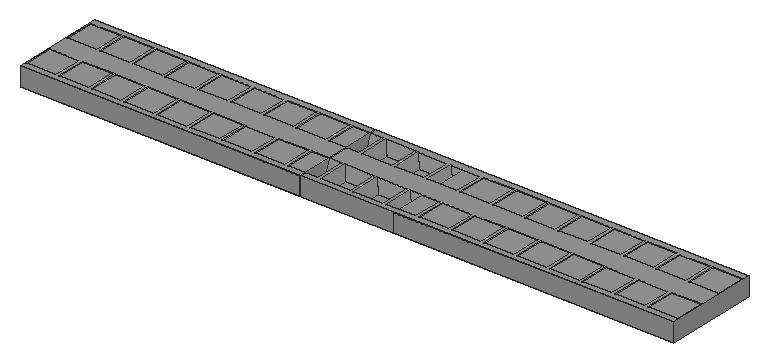
Revit family "2023778", category Lighting Fixtures, host Face, Revit 2018
Family settings
  Host = Face
  Round Connector Dimension = Use Diameter
  Part Type = Normal
  OmniClass Number = 23.80.70.00
  OmniClass Title = Lighting
  Cut with Voids When Loaded = No
  Light Source = Yes
  Shared = No
  Room Calculation Point = No
Parameters (values of type "2023778 OPTIX S 1500 2L D/I HO 4K WHT DA EM")
  Weight = "n/a"
  Wattage Comments = ""
  Wattage = 9.2903 W
  WarrantyStartDate [instance] = "n/a"
  WarrantyGuarantorParts = "n/a"
  WarrantyDurationUnit = "n/a"
  WarrantyDurationParts = ""
  WarrantyDescription = "http://www.sylvania-lighting.com"
  built-in parameter 1150110 = 1 (stored number, unit not read)
  Voltage = 0 V
  URL = "0.98"
  TypeName = "OPTIX SURFACE 1500 2L D/I HO 4000K WHT DALI EM"
  Type Image = <None>
  Type Comments = "n/a"
  built-in parameter 1114217 = 1 (stored number, unit not read)
  Tilt Angle = -90.00°
  built-in parameter 1150109 = 1 (stored number, unit not read)
  built-in parameter 1150134 = 3
  built-in parameter 1150113 = 1 (stored number, unit not read)
  SerialNumber [instance] = "n/a"
  Photometric Web File = "2023778.ies"
  Material_3_SYL = none
  PowerFactor = 0
  PowerConsumption = "Lighting"
  NominalLength = 200 mm
  NominalHeight = 45 mm
  NominalDepth = 200 mm
  Name = "OPTIX SURFACE 1500 2L D/I HO 4000K WHT DALI EM"
  ModelReference = Name  # "OPTIX SURFACE 1500 2L D/I HO 4000K WHT DALI EM"
  ModelNumber = "2023778"
  Model = Name  # "OPTIX SURFACE 1500 2L D/I HO 4000K WHT DALI EM"
  Material = "Feilo Sylvania"
  ManufacturerName = "159 lm/W"
  Manufacturer = ""
  LuminousEfficacy = ""
  built-in parameter 1150105 = 109.82 (stored number, unit not read)
  Lumens = 1380 lm
  LuminaireType = "0"
  built-in parameter 1150115 = 1 (stored number, unit not read)
  LightOutputRatio = "LED"
  built-in parameter 1150137 = (empty or 0)
  built-in parameter 1150139 = (empty or 0)
  LampsType = Lamp  # "n/a"
  LampNominalLuminous = "4000 K"
  LampMacAdamStep = "80"
  LampColourTemperature = "LED"
  LampColourRenderingIndex = "16500"
  built-in parameter 1150112 = 1 (stored number, unit not read)
  built-in parameter 1150114 = 1 (stored number, unit not read)
  Lamp = "n/a"
  Keynote = "n/a"
  InstallationDate [instance] = "n/a"
  InputVoltage = "0"
  InputNominalFrequency = "4000"
  built-in parameter 1150132 = (empty or 0)
  built-in parameter 1150102 = (empty or 0)
  built-in parameter 1150107 = 3200 (stored number, unit not read)
  built-in parameter 1150138 = (empty or 0)
  IngressProtection = "IfcLightFixtureType"
  ImpactProtectionIndex = "IfcLightFixtureType"
  built-in parameter 1150106 = 1.0982 (stored number, unit not read)
  IfcExportType = "IfcLightFixtureType"
  IfcExportAs = "Class I"
  Emit from Circle Diameter = 609.6 mm
  Emit Shape Visible in Rendering = no
  ElectricShockClassification = "159"
  built-in parameter 1150104 = 13.8 (stored number, unit not read)
  DocumentationLiterature = "http://www.sylvania-lighting.com/product/en-int/products/2023778"
  DimmingControlOptions = "n/a"
  Material_2_SYL = none
  Dimming Lamp Color Temperature Shift = <None>
  Description = "OPTIX SURFACE 1500x200 2 LINE D/I HO 4000K WHT DALI EM is a high efficacy low glare luminaire for office and education applications. Direct / Indirect lighting with 80% downlight and 20% uplight ratio for ceiling suspended mounting. Size: 1410x200x45mm. White plastic low glare optics in 2 lines configuration. White RAL9016 fixture body. DALI dimmable. 3hr maintained emergency version. 4000K Neutral White LED, CRI>80, chromaticity tolerance of 3-step MacAdam ellipse. Luminous flux 7000lm. Power consumption 47W. Luminaire efficacy 149lm/W. Lifespan: 60,000 hours L90B10. UGR<19, Luminance at 65°<3000 Cd/m2, IK07, IP20. Photobiological safety risk group 1. Electrical protection Class I. Glow wire test 850°C."
  Default Elevation = 1219.2 mm
  CreatedOn = "22/09/2022"
  CreatedBy = "@sylvania-lighting.com"
  Cost = 0
  Color Filter = 16777215
  built-in parameter 1114216 [instance] = (empty or 0)
  ClassificationValue = "EF_70_80"
  ClassificationName = "Uniclass2015"
  Material_1_SYL = none
  BarCode [instance] = "n/a"
  built-in parameter 1114218 = 1 (stored number, unit not read)
  built-in parameter 1150133 = 10 (stored number, unit not read)
  AssetType = "Fixed"
  AssetIdentifier [instance] = "n/a"
  Assembly Code = "D5020200"
  Apparent Load = 44 VA
  Material_4_SYL = none
Reference planes
  plane 1 "Center (Front/Back)": y = 0
  plane 2: z = 0
  plane 3 "Center (Left/Right)": x = 0
  plane 4: x = -100
  plane 5: x = 100
  plane 6: y = 100
  plane 7: y = -100
  plane 8: z = 45
  plane 9: x = -698.5
  plane 10: x = 698.5
  plane 11: x = -633
  plane 12: y = 23
  plane 13: y = -23
  plane 14: x = -563
  plane 15: x = -557
  plane 16: x = -493
  plane 17: x = -487
  plane 18: x = -423
  plane 19: x = -417
  plane 20: x = -353
  plane 21: x = -347
  plane 22: x = -283
  plane 23: x = -277
  plane 24: x = -213
  plane 25: x = -206.997
  plane 26: x = -142.997
  plane 27: x = -136.997
  plane 28: x = -72.997
  plane 29: x = -66.997
  plane 30: x = -2.997
  plane 31: x = 3.003
  plane 32: x = 67.003
  plane 33: x = 73.003
  plane 34: x = 137.003
  plane 35: x = 143.003
  plane 36: x = 207.003
  plane 37: x = 213.003
  plane 38: x = 277.003
  plane 39: x = 283.003
  plane 40: x = 347.003
  plane 41: x = 353.003
  plane 42: x = 417.003
  plane 43: x = 423.003
  plane 44: x = 487.003
  plane 45: x = 493.003
  plane 46: x = 557.003
  plane 47: x = 563.003
  plane 48: x = 627.003
  plane 49: x = 633.003
  plane 50: x = -627
  plane 51: x = 697.011
  plane 52: x = -697
  plane 53: y = -87
  plane 54: y = -55
  plane 55: y = -33.5
  plane 56: y = -76.5
  plane 57: x = -665
  plane 58: x = -643.5
  plane 59: x = -686.5
  plane 60: x = -595
  plane 61: y = -5
  plane 62: z = 52.5
Forms (mm)
  Extrusion 1, solid, material "Aluminum", detail levels medium+fine
    sketch origin (0, 0, 0) x (1, 0, 0) y (0, 1, 0)
      loop
        line (-512.5, 10) -> (-512.5, -10) -> (-487.5, -10) -> (-487.5, 10) -> (-512.5, 10)
    from 0 to 6
  Extrusion 2, solid, material "Aluminum", detail levels medium+fine
    sketch origin (0, 0, 0) x (1, 0, 0) y (0, 1, 0)
      loop
        line (486, 10) -> (486, -10) -> (511, -10) -> (511, 10) -> (486, 10)
    from 0 to 6
  Extrusion 3, solid, material "Aluminum", detail levels medium+fine
    sketch origin (0, 0, 0) x (1, 0, 0) y (0, 1, 0)
      loop
        line (-698.5, 100) -> (-698.5, -100) -> (698.5, -100) -> (698.5, 100) -> (-698.5, 100)
    from 6 to 45
  Extrusion 4, solid, material "Aluminum", detail levels medium+fine
    sketch origin (0, 0, 0) x (1, 0, 0) y (0, 1, 0)
      loop
        line (-100, 100) -> (-698.5, 100) -> (-698.5, -100) -> (-100, -100) -> (-100, 100)
    from 6 to 45
  Extrusion 5, solid, material "Aluminum", detail levels medium+fine
    sketch origin (0, 0, 0) x (1, 0, 0) y (0, 1, 0)
      loop
        line (698.5, 100) -> (100, 100) -> (100, -100) -> (698.5, -100) -> (698.5, 100)
    from 6 to 45
  Blend 6, void
    base sketch origin (0, 0, 0) x (1, 0, 0) y (0, 1, 0)
      loop
        line (-697, -23) -> (-697, -87) -> (-633, -87) -> (-633, -23) -> (-697, -23)
    top sketch origin (0, 0, 0) x (1, 0, 0) y (0, 1, 0)
      loop
        line (-686.5, -33.5) -> (-686.5, -76.5) -> (-643.5, -76.5) -> (-643.5, -33.5) -> (-686.5, -33.5)
    from 45 to 18.5
  Extrusion 7, solid, material "Glass, White, High Luminance", detail levels fine
    sketch origin (0, 0, 0) x (1, 0, 0) y (0, 1, 0)
      loop
        line (-686.5, -33.5) -> (-686.5, -76.5) -> (-643.5, -76.5) -> (-643.5, -33.5) -> (-686.5, -33.5)
    from 18.5 to 20
  Blend 8, void
    base sketch origin (70, 0, 0) x (1, 0, 0) y (0, 1, 0)
      loop
        line (-697, -23) -> (-697, -87) -> (-633, -87) -> (-633, -23) -> (-697, -23)
    top sketch origin (70, 0, 0) x (1, 0, 0) y (0, 1, 0)
      loop
        line (-686.5, -33.5) -> (-686.5, -76.5) -> (-643.5, -76.5) -> (-643.5, -33.5) -> (-686.5, -33.5)
    from 45 to 18.5
  Blend 9, void
    base sketch origin (140, 0, 0) x (1, 0, 0) y (0, 1, 0)
      loop
        line (-697, -23) -> (-697, -87) -> (-633, -87) -> (-633, -23) -> (-697, -23)
    top sketch origin (140, 0, 0) x (1, 0, 0) y (0, 1, 0)
      loop
        line (-686.5, -33.5) -> (-686.5, -76.5) -> (-643.5, -76.5) -> (-643.5, -33.5) -> (-686.5, -33.5)
    from 45 to 18.5
  Blend 10, void
    base sketch origin (210, 0, 0) x (1, 0, 0) y (0, 1, 0)
      loop
        line (-697, -23) -> (-697, -87) -> (-633, -87) -> (-633, -23) -> (-697, -23)
    top sketch origin (210, 0, 0) x (1, 0, 0) y (0, 1, 0)
      loop
        line (-686.5, -33.5) -> (-686.5, -76.5) -> (-643.5, -76.5) -> (-643.5, -33.5) -> (-686.5, -33.5)
    from 45 to 18.5
  Blend 11, void
    base sketch origin (280, 0, 0) x (1, 0, 0) y (0, 1, 0)
      loop
        line (-697, -23) -> (-697, -87) -> (-633, -87) -> (-633, -23) -> (-697, -23)
    top sketch origin (280, 0, 0) x (1, 0, 0) y (0, 1, 0)
      loop
        line (-686.5, -33.5) -> (-686.5, -76.5) -> (-643.5, -76.5) -> (-643.5, -33.5) -> (-686.5, -33.5)
    from 45 to 18.5
  Blend 12, void
    base sketch origin (350, 0, 0) x (1, 0, 0) y (0, 1, 0)
      loop
        line (-697, -23) -> (-697, -87) -> (-633, -87) -> (-633, -23) -> (-697, -23)
    top sketch origin (350, 0, 0) x (1, 0, 0) y (0, 1, 0)
      loop
        line (-686.5, -33.5) -> (-686.5, -76.5) -> (-643.5, -76.5) -> (-643.5, -33.5) -> (-686.5, -33.5)
    from 45 to 18.5
  Blend 13, void
    base sketch origin (420, 0, 0) x (1, 0, 0) y (0, 1, 0)
      loop
        line (-697, -23) -> (-697, -87) -> (-633, -87) -> (-633, -23) -> (-697, -23)
    top sketch origin (420, 0, 0) x (1, 0, 0) y (0, 1, 0)
      loop
        line (-686.5, -33.5) -> (-686.5, -76.5) -> (-643.5, -76.5) -> (-643.5, -33.5) -> (-686.5, -33.5)
    from 45 to 18.5
  Blend 14, void
    base sketch origin (490.003, 0, 0) x (1, 0, 0) y (0, 1, 0)
      loop
        line (-697, -23) -> (-697, -87) -> (-633, -87) -> (-633, -23) -> (-697, -23)
    top sketch origin (490.003, 0, 0) x (1, 0, 0) y (0, 1, 0)
      loop
        line (-686.5, -33.5) -> (-686.5, -76.5) -> (-643.5, -76.5) -> (-643.5, -33.5) -> (-686.5, -33.5)
    from 45 to 18.5
  Blend 15, void
    base sketch origin (560.003, 0, 0) x (1, 0, 0) y (0, 1, 0)
      loop
        line (-697, -23) -> (-697, -87) -> (-633, -87) -> (-633, -23) -> (-697, -23)
    top sketch origin (560.003, 0, 0) x (1, 0, 0) y (0, 1, 0)
      loop
        line (-686.5, -33.5) -> (-686.5, -76.5) -> (-643.5, -76.5) -> (-643.5, -33.5) -> (-686.5, -33.5)
    from 45 to 18.5
  Blend 16, void
    base sketch origin (630.003, 0, 0) x (1, 0, 0) y (0, 1, 0)
      loop
        line (-697, -23) -> (-697, -87) -> (-633, -87) -> (-633, -23) -> (-697, -23)
    top sketch origin (630.003, 0, 0) x (1, 0, 0) y (0, 1, 0)
      loop
        line (-686.5, -33.5) -> (-686.5, -76.5) -> (-643.5, -76.5) -> (-643.5, -33.5) -> (-686.5, -33.5)
    from 45 to 18.5
  Blend 17, void
    base sketch origin (700.003, 0, 0) x (1, 0, 0) y (0, 1, 0)
      loop
        line (-697, -23) -> (-697, -87) -> (-633, -87) -> (-633, -23) -> (-697, -23)
    top sketch origin (700.003, 0, 0) x (1, 0, 0) y (0, 1, 0)
      loop
        line (-686.5, -33.5) -> (-686.5, -76.5) -> (-643.5, -76.5) -> (-643.5, -33.5) -> (-686.5, -33.5)
    from 45 to 18.5
  Blend 18, void
    base sketch origin (770.003, 0, 0) x (1, 0, 0) y (0, 1, 0)
      loop
        line (-697, -23) -> (-697, -87) -> (-633, -87) -> (-633, -23) -> (-697, -23)
    top sketch origin (770.003, 0, 0) x (1, 0, 0) y (0, 1, 0)
      loop
        line (-686.5, -33.5) -> (-686.5, -76.5) -> (-643.5, -76.5) -> (-643.5, -33.5) -> (-686.5, -33.5)
    from 45 to 18.5
  Blend 19, void
    base sketch origin (840.003, 0, 0) x (1, 0, 0) y (0, 1, 0)
      loop
        line (-697, -23) -> (-697, -87) -> (-633, -87) -> (-633, -23) -> (-697, -23)
    top sketch origin (840.003, 0, 0) x (1, 0, 0) y (0, 1, 0)
      loop
        line (-686.5, -33.5) -> (-686.5, -76.5) -> (-643.5, -76.5) -> (-643.5, -33.5) -> (-686.5, -33.5)
    from 45 to 18.5
  Blend 20, void
    base sketch origin (910.003, 0, 0) x (1, 0, 0) y (0, 1, 0)
      loop
        line (-697, -23) -> (-697, -87) -> (-633, -87) -> (-633, -23) -> (-697, -23)
    top sketch origin (910.003, 0, 0) x (1, 0, 0) y (0, 1, 0)
      loop
        line (-686.5, -33.5) -> (-686.5, -76.5) -> (-643.5, -76.5) -> (-643.5, -33.5) -> (-686.5, -33.5)
    from 45 to 18.5
  Blend 21, void
    base sketch origin (980.003, 0, 0) x (1, 0, 0) y (0, 1, 0)
      loop
        line (-697, -23) -> (-697, -87) -> (-633, -87) -> (-633, -23) -> (-697, -23)
    top sketch origin (980.003, 0, 0) x (1, 0, 0) y (0, 1, 0)
      loop
        line (-686.5, -33.5) -> (-686.5, -76.5) -> (-643.5, -76.5) -> (-643.5, -33.5) -> (-686.5, -33.5)
    from 45 to 18.5
  Blend 22, void
    base sketch origin (1050.003, 0, 0) x (1, 0, 0) y (0, 1, 0)
      loop
        line (-697, -23) -> (-697, -87) -> (-633, -87) -> (-633, -23) -> (-697, -23)
    top sketch origin (1050.003, 0, 0) x (1, 0, 0) y (0, 1, 0)
      loop
        line (-686.5, -33.5) -> (-686.5, -76.5) -> (-643.5, -76.5) -> (-643.5, -33.5) -> (-686.5, -33.5)
    from 45 to 18.5
  Blend 23, void
    base sketch origin (1120.003, 0, 0) x (1, 0, 0) y (0, 1, 0)
      loop
        line (-697, -23) -> (-697, -87) -> (-633, -87) -> (-633, -23) -> (-697, -23)
    top sketch origin (1120.003, 0, 0) x (1, 0, 0) y (0, 1, 0)
      loop
        line (-686.5, -33.5) -> (-686.5, -76.5) -> (-643.5, -76.5) -> (-643.5, -33.5) -> (-686.5, -33.5)
    from 45 to 18.5
  Blend 24, void
    base sketch origin (1190.003, 0, 0) x (1, 0, 0) y (0, 1, 0)
      loop
        line (-697, -23) -> (-697, -87) -> (-633, -87) -> (-633, -23) -> (-697, -23)
    top sketch origin (1190.003, 0, 0) x (1, 0, 0) y (0, 1, 0)
      loop
        line (-686.5, -33.5) -> (-686.5, -76.5) -> (-643.5, -76.5) -> (-643.5, -33.5) -> (-686.5, -33.5)
    from 45 to 18.5
  Blend 25, void
    base sketch origin (1260.003, 0, 0) x (1, 0, 0) y (0, 1, 0)
      loop
        line (-697, -23) -> (-697, -87) -> (-633, -87) -> (-633, -23) -> (-697, -23)
    top sketch origin (1260.003, 0, 0) x (1, 0, 0) y (0, 1, 0)
      loop
        line (-686.5, -33.5) -> (-686.5, -76.5) -> (-643.5, -76.5) -> (-643.5, -33.5) -> (-686.5, -33.5)
    from 45 to 18.5
  Blend 26, void
    base sketch origin (1330.003, 0, 0) x (1, 0, 0) y (0, 1, 0)
      loop
        line (-697, -23) -> (-697, -87) -> (-633, -87) -> (-633, -23) -> (-697, -23)
    top sketch origin (1330.003, 0, 0) x (1, 0, 0) y (0, 1, 0)
      loop
        line (-686.5, -33.5) -> (-686.5, -76.5) -> (-643.5, -76.5) -> (-643.5, -33.5) -> (-686.5, -33.5)
    from 45 to 18.5
  Extrusion 27, solid, material "Glass, White, High Luminance", detail levels fine
    sketch origin (70, 0, 0) x (1, 0, 0) y (0, 1, 0)
      loop
        line (-686.5, -33.5) -> (-686.5, -76.5) -> (-643.5, -76.5) -> (-643.5, -33.5) -> (-686.5, -33.5)
    from 18.5 to 20
  Extrusion 28, solid, material "Glass, White, High Luminance", detail levels fine
    sketch origin (140, 0, 0) x (1, 0, 0) y (0, 1, 0)
      loop
        line (-686.5, -33.5) -> (-686.5, -76.5) -> (-643.5, -76.5) -> (-643.5, -33.5) -> (-686.5, -33.5)
    from 18.5 to 20
  Extrusion 29, solid, material "Glass, White, High Luminance", detail levels fine
    sketch origin (210, 0, 0) x (1, 0, 0) y (0, 1, 0)
      loop
        line (-686.5, -33.5) -> (-686.5, -76.5) -> (-643.5, -76.5) -> (-643.5, -33.5) -> (-686.5, -33.5)
    from 18.5 to 20
  Extrusion 30, solid, material "Glass, White, High Luminance", detail levels fine
    sketch origin (280, 0, 0) x (1, 0, 0) y (0, 1, 0)
      loop
        line (-686.5, -33.5) -> (-686.5, -76.5) -> (-643.5, -76.5) -> (-643.5, -33.5) -> (-686.5, -33.5)
    from 18.5 to 20
  Extrusion 31, solid, material "Glass, White, High Luminance", detail levels fine
    sketch origin (350, 0, 0) x (1, 0, 0) y (0, 1, 0)
      loop
        line (-686.5, -33.5) -> (-686.5, -76.5) -> (-643.5, -76.5) -> (-643.5, -33.5) -> (-686.5, -33.5)
    from 18.5 to 20
  Extrusion 32, solid, material "Glass, White, High Luminance", detail levels fine
    sketch origin (420, 0, 0) x (1, 0, 0) y (0, 1, 0)
      loop
        line (-686.5, -33.5) -> (-686.5, -76.5) -> (-643.5, -76.5) -> (-643.5, -33.5) -> (-686.5, -33.5)
    from 18.5 to 20
  Extrusion 33, solid, material "Glass, White, High Luminance", detail levels fine
    sketch origin (490.003, 0, 0) x (1, 0, 0) y (0, 1, 0)
      loop
        line (-686.5, -33.5) -> (-686.5, -76.5) -> (-643.5, -76.5) -> (-643.5, -33.5) -> (-686.5, -33.5)
    from 18.5 to 20
  Extrusion 34, solid, material "Glass, White, High Luminance", detail levels fine
    sketch origin (560.003, 0, 0) x (1, 0, 0) y (0, 1, 0)
      loop
        line (-686.5, -33.5) -> (-686.5, -76.5) -> (-643.5, -76.5) -> (-643.5, -33.5) -> (-686.5, -33.5)
    from 18.5 to 20
  Extrusion 35, solid, material "Glass, White, High Luminance", detail levels fine
    sketch origin (630.003, 0, 0) x (1, 0, 0) y (0, 1, 0)
      loop
        line (-686.5, -33.5) -> (-686.5, -76.5) -> (-643.5, -76.5) -> (-643.5, -33.5) -> (-686.5, -33.5)
    from 18.5 to 20
  Extrusion 36, solid, material "Glass, White, High Luminance", detail levels fine
    sketch origin (700.003, 0, 0) x (1, 0, 0) y (0, 1, 0)
      loop
        line (-686.5, -33.5) -> (-686.5, -76.5) -> (-643.5, -76.5) -> (-643.5, -33.5) -> (-686.5, -33.5)
    from 18.5 to 20
  Extrusion 37, solid, material "Glass, White, High Luminance", detail levels fine
    sketch origin (770.003, 0, 0) x (1, 0, 0) y (0, 1, 0)
      loop
        line (-686.5, -33.5) -> (-686.5, -76.5) -> (-643.5, -76.5) -> (-643.5, -33.5) -> (-686.5, -33.5)
    from 18.5 to 20
  Extrusion 38, solid, material "Glass, White, High Luminance", detail levels fine
    sketch origin (840.003, 0, 0) x (1, 0, 0) y (0, 1, 0)
      loop
        line (-686.5, -33.5) -> (-686.5, -76.5) -> (-643.5, -76.5) -> (-643.5, -33.5) -> (-686.5, -33.5)
    from 18.5 to 20
  Extrusion 39, solid, material "Glass, White, High Luminance", detail levels fine
    sketch origin (910.003, 0, 0) x (1, 0, 0) y (0, 1, 0)
      loop
        line (-686.5, -33.5) -> (-686.5, -76.5) -> (-643.5, -76.5) -> (-643.5, -33.5) -> (-686.5, -33.5)
    from 18.5 to 20
  Extrusion 40, solid, material "Glass, White, High Luminance", detail levels fine
    sketch origin (980.003, 0, 0) x (1, 0, 0) y (0, 1, 0)
      loop
        line (-686.5, -33.5) -> (-686.5, -76.5) -> (-643.5, -76.5) -> (-643.5, -33.5) -> (-686.5, -33.5)
    from 18.5 to 20
  Extrusion 41, solid, material "Glass, White, High Luminance", detail levels fine
    sketch origin (1050.003, 0, 0) x (1, 0, 0) y (0, 1, 0)
      loop
        line (-686.5, -33.5) -> (-686.5, -76.5) -> (-643.5, -76.5) -> (-643.5, -33.5) -> (-686.5, -33.5)
    from 18.5 to 20
  Extrusion 42, solid, material "Glass, White, High Luminance", detail levels fine
    sketch origin (1120.003, 0, 0) x (1, 0, 0) y (0, 1, 0)
      loop
        line (-686.5, -33.5) -> (-686.5, -76.5) -> (-643.5, -76.5) -> (-643.5, -33.5) -> (-686.5, -33.5)
    from 18.5 to 20
  Extrusion 43, solid, material "Glass, White, High Luminance", detail levels fine
    sketch origin (1190.003, 0, 0) x (1, 0, 0) y (0, 1, 0)
      loop
        line (-686.5, -33.5) -> (-686.5, -76.5) -> (-643.5, -76.5) -> (-643.5, -33.5) -> (-686.5, -33.5)
    from 18.5 to 20
  Extrusion 44, solid, material "Glass, White, High Luminance", detail levels fine
    sketch origin (1260.003, 0, 0) x (1, 0, 0) y (0, 1, 0)
      loop
        line (-686.5, -33.5) -> (-686.5, -76.5) -> (-643.5, -76.5) -> (-643.5, -33.5) -> (-686.5, -33.5)
    from 18.5 to 20
  Extrusion 45, solid, material "Glass, White, High Luminance", detail levels fine
    sketch origin (1330.003, 0, 0) x (1, 0, 0) y (0, 1, 0)
      loop
        line (-686.5, -33.5) -> (-686.5, -76.5) -> (-643.5, -76.5) -> (-643.5, -33.5) -> (-686.5, -33.5)
    from 18.5 to 20
  Blend 46, void
    base sketch origin (0, 110, 0) x (1, 0, 0) y (0, 1, 0)
      loop
        line (-697, -23) -> (-697, -87) -> (-633, -87) -> (-633, -23) -> (-697, -23)
    top sketch origin (0, 110, 0) x (1, 0, 0) y (0, 1, 0)
      loop
        line (-686.5, -33.5) -> (-686.5, -76.5) -> (-643.5, -76.5) -> (-643.5, -33.5) -> (-686.5, -33.5)
    from 45 to 18.5
  Blend 47, void
    base sketch origin (70, 110, 0) x (1, 0, 0) y (0, 1, 0)
      loop
        line (-697, -23) -> (-697, -87) -> (-633, -87) -> (-633, -23) -> (-697, -23)
    top sketch origin (70, 110, 0) x (1, 0, 0) y (0, 1, 0)
      loop
        line (-686.5, -33.5) -> (-686.5, -76.5) -> (-643.5, -76.5) -> (-643.5, -33.5) -> (-686.5, -33.5)
    from 45 to 18.5
  Blend 48, void
    base sketch origin (140, 110, 0) x (1, 0, 0) y (0, 1, 0)
      loop
        line (-697, -23) -> (-697, -87) -> (-633, -87) -> (-633, -23) -> (-697, -23)
    top sketch origin (140, 110, 0) x (1, 0, 0) y (0, 1, 0)
      loop
        line (-686.5, -33.5) -> (-686.5, -76.5) -> (-643.5, -76.5) -> (-643.5, -33.5) -> (-686.5, -33.5)
    from 45 to 18.5
  Blend 49, void
    base sketch origin (210, 110, 0) x (1, 0, 0) y (0, 1, 0)
      loop
        line (-697, -23) -> (-697, -87) -> (-633, -87) -> (-633, -23) -> (-697, -23)
    top sketch origin (210, 110, 0) x (1, 0, 0) y (0, 1, 0)
      loop
        line (-686.5, -33.5) -> (-686.5, -76.5) -> (-643.5, -76.5) -> (-643.5, -33.5) -> (-686.5, -33.5)
    from 45 to 18.5
  Blend 50, void
    base sketch origin (280, 110, 0) x (1, 0, 0) y (0, 1, 0)
      loop
        line (-697, -23) -> (-697, -87) -> (-633, -87) -> (-633, -23) -> (-697, -23)
    top sketch origin (280, 110, 0) x (1, 0, 0) y (0, 1, 0)
      loop
        line (-686.5, -33.5) -> (-686.5, -76.5) -> (-643.5, -76.5) -> (-643.5, -33.5) -> (-686.5, -33.5)
    from 45 to 18.5
  Blend 51, void
    base sketch origin (350, 110, 0) x (1, 0, 0) y (0, 1, 0)
      loop
        line (-697, -23) -> (-697, -87) -> (-633, -87) -> (-633, -23) -> (-697, -23)
    top sketch origin (350, 110, 0) x (1, 0, 0) y (0, 1, 0)
      loop
        line (-686.5, -33.5) -> (-686.5, -76.5) -> (-643.5, -76.5) -> (-643.5, -33.5) -> (-686.5, -33.5)
    from 45 to 18.5
  Blend 52, void
    base sketch origin (420, 110, 0) x (1, 0, 0) y (0, 1, 0)
      loop
        line (-697, -23) -> (-697, -87) -> (-633, -87) -> (-633, -23) -> (-697, -23)
    top sketch origin (420, 110, 0) x (1, 0, 0) y (0, 1, 0)
      loop
        line (-686.5, -33.5) -> (-686.5, -76.5) -> (-643.5, -76.5) -> (-643.5, -33.5) -> (-686.5, -33.5)
    from 45 to 18.5
  Blend 53, void
    base sketch origin (490.003, 110, 0) x (1, 0, 0) y (0, 1, 0)
      loop
        line (-697, -23) -> (-697, -87) -> (-633, -87) -> (-633, -23) -> (-697, -23)
    top sketch origin (490.003, 110, 0) x (1, 0, 0) y (0, 1, 0)
      loop
        line (-686.5, -33.5) -> (-686.5, -76.5) -> (-643.5, -76.5) -> (-643.5, -33.5) -> (-686.5, -33.5)
    from 45 to 18.5
  Blend 54, void
    base sketch origin (560.003, 110, 0) x (1, 0, 0) y (0, 1, 0)
      loop
        line (-697, -23) -> (-697, -87) -> (-633, -87) -> (-633, -23) -> (-697, -23)
    top sketch origin (560.003, 110, 0) x (1, 0, 0) y (0, 1, 0)
      loop
        line (-686.5, -33.5) -> (-686.5, -76.5) -> (-643.5, -76.5) -> (-643.5, -33.5) -> (-686.5, -33.5)
    from 45 to 18.5
  Blend 55, void
    base sketch origin (630.003, 110, 0) x (1, 0, 0) y (0, 1, 0)
      loop
        line (-697, -23) -> (-697, -87) -> (-633, -87) -> (-633, -23) -> (-697, -23)
    top sketch origin (630.003, 110, 0) x (1, 0, 0) y (0, 1, 0)
      loop
        line (-686.5, -33.5) -> (-686.5, -76.5) -> (-643.5, -76.5) -> (-643.5, -33.5) -> (-686.5, -33.5)
    from 45 to 18.5
  Blend 56, void
    base sketch origin (700.003, 110, 0) x (1, 0, 0) y (0, 1, 0)
      loop
        line (-697, -23) -> (-697, -87) -> (-633, -87) -> (-633, -23) -> (-697, -23)
    top sketch origin (700.003, 110, 0) x (1, 0, 0) y (0, 1, 0)
      loop
        line (-686.5, -33.5) -> (-686.5, -76.5) -> (-643.5, -76.5) -> (-643.5, -33.5) -> (-686.5, -33.5)
    from 45 to 18.5
  Blend 57, void
    base sketch origin (770.003, 110, 0) x (1, 0, 0) y (0, 1, 0)
      loop
        line (-697, -23) -> (-697, -87) -> (-633, -87) -> (-633, -23) -> (-697, -23)
    top sketch origin (770.003, 110, 0) x (1, 0, 0) y (0, 1, 0)
      loop
        line (-686.5, -33.5) -> (-686.5, -76.5) -> (-643.5, -76.5) -> (-643.5, -33.5) -> (-686.5, -33.5)
    from 45 to 18.5
  Blend 58, void
    base sketch origin (840.003, 110, 0) x (1, 0, 0) y (0, 1, 0)
      loop
        line (-697, -23) -> (-697, -87) -> (-633, -87) -> (-633, -23) -> (-697, -23)
    top sketch origin (840.003, 110, 0) x (1, 0, 0) y (0, 1, 0)
      loop
        line (-686.5, -33.5) -> (-686.5, -76.5) -> (-643.5, -76.5) -> (-643.5, -33.5) -> (-686.5, -33.5)
    from 45 to 18.5
  Blend 59, void
    base sketch origin (910.003, 110, 0) x (1, 0, 0) y (0, 1, 0)
      loop
        line (-697, -23) -> (-697, -87) -> (-633, -87) -> (-633, -23) -> (-697, -23)
    top sketch origin (910.003, 110, 0) x (1, 0, 0) y (0, 1, 0)
      loop
        line (-686.5, -33.5) -> (-686.5, -76.5) -> (-643.5, -76.5) -> (-643.5, -33.5) -> (-686.5, -33.5)
    from 45 to 18.5
  Blend 60, void
    base sketch origin (980.003, 110, 0) x (1, 0, 0) y (0, 1, 0)
      loop
        line (-697, -23) -> (-697, -87) -> (-633, -87) -> (-633, -23) -> (-697, -23)
    top sketch origin (980.003, 110, 0) x (1, 0, 0) y (0, 1, 0)
      loop
        line (-686.5, -33.5) -> (-686.5, -76.5) -> (-643.5, -76.5) -> (-643.5, -33.5) -> (-686.5, -33.5)
    from 45 to 18.5
  Blend 61, void
    base sketch origin (1050.003, 110, 0) x (1, 0, 0) y (0, 1, 0)
      loop
        line (-697, -23) -> (-697, -87) -> (-633, -87) -> (-633, -23) -> (-697, -23)
    top sketch origin (1050.003, 110, 0) x (1, 0, 0) y (0, 1, 0)
      loop
        line (-686.5, -33.5) -> (-686.5, -76.5) -> (-643.5, -76.5) -> (-643.5, -33.5) -> (-686.5, -33.5)
    from 45 to 18.5
  Blend 62, void
    base sketch origin (1120.003, 110, 0) x (1, 0, 0) y (0, 1, 0)
      loop
        line (-697, -23) -> (-697, -87) -> (-633, -87) -> (-633, -23) -> (-697, -23)
    top sketch origin (1120.003, 110, 0) x (1, 0, 0) y (0, 1, 0)
      loop
        line (-686.5, -33.5) -> (-686.5, -76.5) -> (-643.5, -76.5) -> (-643.5, -33.5) -> (-686.5, -33.5)
    from 45 to 18.5
  Blend 63, void
    base sketch origin (1190.003, 110, 0) x (1, 0, 0) y (0, 1, 0)
      loop
        line (-697, -23) -> (-697, -87) -> (-633, -87) -> (-633, -23) -> (-697, -23)
    top sketch origin (1190.003, 110, 0) x (1, 0, 0) y (0, 1, 0)
      loop
        line (-686.5, -33.5) -> (-686.5, -76.5) -> (-643.5, -76.5) -> (-643.5, -33.5) -> (-686.5, -33.5)
    from 45 to 18.5
  Blend 64, void
    base sketch origin (1260.003, 110, 0) x (1, 0, 0) y (0, 1, 0)
      loop
        line (-697, -23) -> (-697, -87) -> (-633, -87) -> (-633, -23) -> (-697, -23)
    top sketch origin (1260.003, 110, 0) x (1, 0, 0) y (0, 1, 0)
      loop
        line (-686.5, -33.5) -> (-686.5, -76.5) -> (-643.5, -76.5) -> (-643.5, -33.5) -> (-686.5, -33.5)
    from 45 to 18.5
  Blend 65, void
    base sketch origin (1330.003, 110, 0) x (1, 0, 0) y (0, 1, 0)
      loop
        line (-697, -23) -> (-697, -87) -> (-633, -87) -> (-633, -23) -> (-697, -23)
    top sketch origin (1330.003, 110, 0) x (1, 0, 0) y (0, 1, 0)
      loop
        line (-686.5, -33.5) -> (-686.5, -76.5) -> (-643.5, -76.5) -> (-643.5, -33.5) -> (-686.5, -33.5)
    from 45 to 18.5
  Extrusion 66, solid, material "Glass, White, High Luminance", detail levels fine
    sketch origin (0, 110, 0) x (1, 0, 0) y (0, 1, 0)
      loop
        line (-686.5, -33.5) -> (-686.5, -76.5) -> (-643.5, -76.5) -> (-643.5, -33.5) -> (-686.5, -33.5)
    from 18.5 to 20
  Extrusion 67, solid, material "Glass, White, High Luminance", detail levels fine
    sketch origin (70, 110, 0) x (1, 0, 0) y (0, 1, 0)
      loop
        line (-686.5, -33.5) -> (-686.5, -76.5) -> (-643.5, -76.5) -> (-643.5, -33.5) -> (-686.5, -33.5)
    from 18.5 to 20
  Extrusion 68, solid, material "Glass, White, High Luminance", detail levels fine
    sketch origin (140, 110, 0) x (1, 0, 0) y (0, 1, 0)
      loop
        line (-686.5, -33.5) -> (-686.5, -76.5) -> (-643.5, -76.5) -> (-643.5, -33.5) -> (-686.5, -33.5)
    from 18.5 to 20
  Extrusion 69, solid, material "Glass, White, High Luminance", detail levels fine
    sketch origin (210, 110, 0) x (1, 0, 0) y (0, 1, 0)
      loop
        line (-686.5, -33.5) -> (-686.5, -76.5) -> (-643.5, -76.5) -> (-643.5, -33.5) -> (-686.5, -33.5)
    from 18.5 to 20
  Extrusion 70, solid, material "Glass, White, High Luminance", detail levels fine
    sketch origin (280, 110, 0) x (1, 0, 0) y (0, 1, 0)
      loop
        line (-686.5, -33.5) -> (-686.5, -76.5) -> (-643.5, -76.5) -> (-643.5, -33.5) -> (-686.5, -33.5)
    from 18.5 to 20
  Extrusion 71, solid, material "Glass, White, High Luminance", detail levels fine
    sketch origin (350, 110, 0) x (1, 0, 0) y (0, 1, 0)
      loop
        line (-686.5, -33.5) -> (-686.5, -76.5) -> (-643.5, -76.5) -> (-643.5, -33.5) -> (-686.5, -33.5)
    from 18.5 to 20
  Extrusion 72, solid, material "Glass, White, High Luminance", detail levels fine
    sketch origin (420, 110, 0) x (1, 0, 0) y (0, 1, 0)
      loop
        line (-686.5, -33.5) -> (-686.5, -76.5) -> (-643.5, -76.5) -> (-643.5, -33.5) -> (-686.5, -33.5)
    from 18.5 to 20
  Extrusion 73, solid, material "Glass, White, High Luminance", detail levels fine
    sketch origin (700.003, 110, 0) x (1, 0, 0) y (0, 1, 0)
      loop
        line (-686.5, -33.5) -> (-686.5, -76.5) -> (-643.5, -76.5) -> (-643.5, -33.5) -> (-686.5, -33.5)
    from 18.5 to 20
  Extrusion 74, solid, material "Glass, White, High Luminance", detail levels fine
    sketch origin (770.003, 110, 0) x (1, 0, 0) y (0, 1, 0)
      loop
        line (-686.5, -33.5) -> (-686.5, -76.5) -> (-643.5, -76.5) -> (-643.5, -33.5) -> (-686.5, -33.5)
    from 18.5 to 20
  Extrusion 75, solid, material "Glass, White, High Luminance", detail levels fine
    sketch origin (840.003, 110, 0) x (1, 0, 0) y (0, 1, 0)
      loop
        line (-686.5, -33.5) -> (-686.5, -76.5) -> (-643.5, -76.5) -> (-643.5, -33.5) -> (-686.5, -33.5)
    from 18.5 to 20
  Extrusion 76, solid, material "Glass, White, High Luminance", detail levels fine
    sketch origin (910.003, 110, 0) x (1, 0, 0) y (0, 1, 0)
      loop
        line (-686.5, -33.5) -> (-686.5, -76.5) -> (-643.5, -76.5) -> (-643.5, -33.5) -> (-686.5, -33.5)
    from 18.5 to 20
  Extrusion 77, solid, material "Glass, White, High Luminance", detail levels fine
    sketch origin (980.003, 110, 0) x (1, 0, 0) y (0, 1, 0)
      loop
        line (-686.5, -33.5) -> (-686.5, -76.5) -> (-643.5, -76.5) -> (-643.5, -33.5) -> (-686.5, -33.5)
    from 18.5 to 20
  Extrusion 78, solid, material "Glass, White, High Luminance", detail levels fine
    sketch origin (1050.003, 110, 0) x (1, 0, 0) y (0, 1, 0)
      loop
        line (-686.5, -33.5) -> (-686.5, -76.5) -> (-643.5, -76.5) -> (-643.5, -33.5) -> (-686.5, -33.5)
    from 18.5 to 20
  Extrusion 79, solid, material "Glass, White, High Luminance", detail levels fine
    sketch origin (1120.003, 110, 0) x (1, 0, 0) y (0, 1, 0)
      loop
        line (-686.5, -33.5) -> (-686.5, -76.5) -> (-643.5, -76.5) -> (-643.5, -33.5) -> (-686.5, -33.5)
    from 18.5 to 20
  Extrusion 80, solid, material "Glass, White, High Luminance", detail levels fine
    sketch origin (1190.003, 110, 0) x (1, 0, 0) y (0, 1, 0)
      loop
        line (-686.5, -33.5) -> (-686.5, -76.5) -> (-643.5, -76.5) -> (-643.5, -33.5) -> (-686.5, -33.5)
    from 18.5 to 20
  Extrusion 81, solid, material "Glass, White, High Luminance", detail levels fine
    sketch origin (1260.003, 110, 0) x (1, 0, 0) y (0, 1, 0)
      loop
        line (-686.5, -33.5) -> (-686.5, -76.5) -> (-643.5, -76.5) -> (-643.5, -33.5) -> (-686.5, -33.5)
    from 18.5 to 20
  Extrusion 82, solid, material "Glass, White, High Luminance", detail levels fine
    sketch origin (1330.003, 110, 0) x (1, 0, 0) y (0, 1, 0)
      loop
        line (-686.5, -33.5) -> (-686.5, -76.5) -> (-643.5, -76.5) -> (-643.5, -33.5) -> (-686.5, -33.5)
    from 18.5 to 20
  Extrusion 83, solid, material "Glass, White, High Luminance", detail levels fine
    sketch origin (490.003, 110, 0) x (1, 0, 0) y (0, 1, 0)
      loop
        line (-686.5, -33.5) -> (-686.5, -76.5) -> (-643.5, -76.5) -> (-643.5, -33.5) -> (-686.5, -33.5)
    from 18.5 to 20
  Extrusion 84, solid, material "Glass, White, High Luminance", detail levels fine
    sketch origin (560.003, 110, 0) x (1, 0, 0) y (0, 1, 0)
      loop
        line (-686.5, -33.5) -> (-686.5, -76.5) -> (-643.5, -76.5) -> (-643.5, -33.5) -> (-686.5, -33.5)
    from 18.5 to 20
  Extrusion 85, solid, material "Glass, White, High Luminance", detail levels fine
    sketch origin (630.003, 110, 0) x (1, 0, 0) y (0, 1, 0)
      loop
        line (-686.5, -33.5) -> (-686.5, -76.5) -> (-643.5, -76.5) -> (-643.5, -33.5) -> (-686.5, -33.5)
    from 18.5 to 20
  Extrusion 86, solid, detail levels coarse
    sketch origin (0, 0, 0) x (1, 0, 0) y (0, 1, 0)
      loop
        line (-100, 100) -> (-100, -100) -> (100, -100) -> (100, 100) -> (-100, 100)
    from 0 to 45
Cuts and joins
  Blend 6, Blend 8, Blend 9, Blend 10, Blend 11, Blend 12, Blend 13, Blend 14, Blend 15, Blend 16, Blend 17, Blend 18, Blend 19, Blend 20, Blend 21, Blend 22, Blend 23, Blend 24, Blend 25, Blend 26, Blend 46, Blend 47, Blend 48, Blend 49, Blend 50, Blend 51, Blend 52, Blend 53, Blend 54, Blend 55, Blend 56, Blend 57, Blend 58, Blend 59, Blend 60, Blend 61, Blend 62, Blend 63, Blend 64, Blend 65 cuts Extrusion 3
  Blend 8, Blend 46 cuts Extrusion 7
  Blend 47 cuts Extrusion 27
  Blend 48 cuts Extrusion 28
  Blend 49 cuts Extrusion 29
  Blend 50 cuts Extrusion 30
  Blend 51 cuts Extrusion 31
  Blend 52 cuts Extrusion 32
  Blend 53 cuts Extrusion 33
  Blend 54 cuts Extrusion 34
  Blend 55 cuts Extrusion 35
  Blend 56 cuts Extrusion 36
  Blend 57 cuts Extrusion 37
  Blend 58 cuts Extrusion 38
  Blend 59 cuts Extrusion 39
  Blend 60 cuts Extrusion 40
  Blend 61 cuts Extrusion 41
  Blend 62 cuts Extrusion 42
  Blend 63 cuts Extrusion 43
  Blend 64 cuts Extrusion 44
  Blend 65 cuts Extrusion 45
Dimensions and locks
  "NominalLength": plane 4 to plane 5
  equal spacing: plane 4, plane 3 "Center (Left/Right)", plane 5
  "NominalDepth": plane 6 to plane 7
  equal spacing: plane 6, plane 1 "Center (Front/Back)", plane 7
  "NominalHeight": plane 8 to level
  aligned and locked: plane 2 to host face
  aligned and locked: level to host face
Automatic sketch dimensions
  host sketch curve to host sketch curve = 2438.4 mm  (x2)
  Extrusion 1 sketch curve to plane 16 = 19.5 mm
  Extrusion 1 sketch curve to plane 17 = 0.5 mm
  plane 1 "Center (Front/Back)" to Extrusion 1 sketch curve = 10 mm
  Extrusion 1 sketch curve to plane 1 "Center (Front/Back)" = 10 mm
  Extrusion 2 sketch curve to plane 44 = 1.003 mm
  plane 45 to Extrusion 2 sketch curve = 17.997 mm
  plane 1 "Center (Front/Back)" to Extrusion 2 sketch curve = 10 mm
  Extrusion 2 sketch curve to plane 1 "Center (Front/Back)" = 10 mm
  Extrusion 3 sketch curve to plane 7 = 0 mm
  Extrusion 3 sketch curve to plane 9 = 0 mm
  Extrusion 3 sketch curve to plane 10 = 0 mm
  Extrusion 3 sketch curve to plane 6 = 0 mm
  Extrusion 4 sketch curve to plane 4 = 0 mm
  Extrusion 4 sketch curve to plane 7 = 0 mm
  Extrusion 4 sketch curve to plane 9 = 0 mm
  Extrusion 4 sketch curve to plane 6 = 0 mm
  Extrusion 5 sketch curve to plane 7 = 0 mm
  Extrusion 5 sketch curve to plane 10 = 0 mm
  Extrusion 5 sketch curve to plane 5 = 0 mm
  Extrusion 5 sketch curve to plane 6 = 0 mm
  Blend 6 sketch curve to plane 52 = 0 mm
  Blend 6 sketch curve to plane 11 = 0 mm
  Blend 6 sketch curve to plane 53 = 0 mm
  Blend 6 sketch curve to plane 13 = 0 mm
  Blend 6 sketch curve to plane 56 = 0 mm
  Blend 6 sketch curve to plane 59 = 0 mm
  Blend 6 sketch curve to plane 58 = 0 mm
  Blend 6 sketch curve to plane 55 = 0 mm
  Extrusion 7 sketch curve to plane 56 = 0 mm
  Extrusion 7 sketch curve to plane 59 = 0 mm
  Extrusion 7 sketch curve to plane 58 = 0 mm
  Extrusion 7 sketch curve to plane 55 = 0 mm
  Blend 8 sketch curve to plane 50 = 0 mm
  Blend 8 sketch curve to plane 14 = 0 mm
  Blend 8 sketch curve to plane 53 = 0 mm
  Blend 8 sketch curve to plane 13 = 0 mm
  Blend 8 sketch curve to plane 56 = 0 mm
  Blend 8 sketch curve to plane 55 = 0 mm
  plane 50 to Blend 8 sketch curve = 10.5 mm
  Blend 8 sketch curve to plane 14 = 10.5 mm
  Blend 9 sketch curve to plane 15 = 0 mm
  Blend 9 sketch curve to plane 16 = 0 mm
  plane 53 to Blend 9 sketch curve = 0 mm
  Blend 9 sketch curve to plane 13 = 0 mm
  plane 56 to Blend 9 sketch curve = 0 mm
  plane 55 to Blend 9 sketch curve = 0 mm
  plane 15 to Blend 9 sketch curve = 10.5 mm
  Blend 9 sketch curve to plane 16 = 10.5 mm
  Blend 10 sketch curve to plane 17 = 0 mm
  Blend 10 sketch curve to plane 18 = 0 mm
  plane 53 to Blend 10 sketch curve = 0 mm
  Blend 10 sketch curve to plane 13 = 0 mm
  plane 56 to Blend 10 sketch curve = 0 mm
  plane 55 to Blend 10 sketch curve = 0 mm
  plane 17 to Blend 10 sketch curve = 10.5 mm
  Blend 10 sketch curve to plane 18 = 10.5 mm
  Blend 11 sketch curve to plane 19 = 0 mm
  Blend 11 sketch curve to plane 20 = 0 mm
  plane 53 to Blend 11 sketch curve = 0 mm
  Blend 11 sketch curve to plane 13 = 0 mm
  plane 56 to Blend 11 sketch curve = 0 mm
  plane 55 to Blend 11 sketch curve = 0 mm
  plane 19 to Blend 11 sketch curve = 10.5 mm
  Blend 11 sketch curve to plane 20 = 10.5 mm
  Blend 12 sketch curve to plane 21 = 0 mm
  Blend 12 sketch curve to plane 22 = 0 mm
  plane 53 to Blend 12 sketch curve = 0 mm
  Blend 12 sketch curve to plane 13 = 0 mm
  plane 56 to Blend 12 sketch curve = 0 mm
  plane 55 to Blend 12 sketch curve = 0 mm
  plane 21 to Blend 12 sketch curve = 10.5 mm
  Blend 12 sketch curve to plane 22 = 10.5 mm
  Blend 13 sketch curve to plane 23 = 0 mm
  Blend 13 sketch curve to plane 24 = 0 mm
  plane 53 to Blend 13 sketch curve = 0 mm
  Blend 13 sketch curve to plane 13 = 0 mm
  plane 56 to Blend 13 sketch curve = 0 mm
  plane 55 to Blend 13 sketch curve = 0 mm
  plane 23 to Blend 13 sketch curve = 10.5 mm
  Blend 13 sketch curve to plane 24 = 10.5 mm
  Blend 14 sketch curve to plane 25 = 0 mm
  Blend 14 sketch curve to plane 26 = 0 mm
  plane 53 to Blend 14 sketch curve = 0 mm
  Blend 14 sketch curve to plane 13 = 0 mm
  plane 56 to Blend 14 sketch curve = 0 mm
  plane 55 to Blend 14 sketch curve = 0 mm
  plane 25 to Blend 14 sketch curve = 10.5 mm
  Blend 14 sketch curve to plane 26 = 10.5 mm
  Blend 15 sketch curve to plane 27 = 0 mm
  Blend 15 sketch curve to plane 28 = 0 mm
  plane 53 to Blend 15 sketch curve = 0 mm
  Blend 15 sketch curve to plane 13 = 0 mm
  plane 56 to Blend 15 sketch curve = 0 mm
  plane 55 to Blend 15 sketch curve = 0 mm
  plane 27 to Blend 15 sketch curve = 10.5 mm
  Blend 15 sketch curve to plane 28 = 10.5 mm
  Blend 16 sketch curve to plane 29 = 0 mm
  Blend 16 sketch curve to plane 30 = 0 mm
  plane 53 to Blend 16 sketch curve = 0 mm
  Blend 16 sketch curve to plane 13 = 0 mm
  plane 56 to Blend 16 sketch curve = 0 mm
  plane 55 to Blend 16 sketch curve = 0 mm
  plane 29 to Blend 16 sketch curve = 10.5 mm
  Blend 16 sketch curve to plane 30 = 10.5 mm
  Blend 17 sketch curve to plane 31 = 0 mm
  Blend 17 sketch curve to plane 32 = 0 mm
  plane 53 to Blend 17 sketch curve = 0 mm
  Blend 17 sketch curve to plane 13 = 0 mm
  plane 56 to Blend 17 sketch curve = 0 mm
  plane 55 to Blend 17 sketch curve = 0 mm
  plane 31 to Blend 17 sketch curve = 10.5 mm
  Blend 17 sketch curve to plane 32 = 10.5 mm
  Blend 18 sketch curve to plane 33 = 0 mm
  Blend 18 sketch curve to plane 34 = 0 mm
  plane 53 to Blend 18 sketch curve = 0 mm
  Blend 18 sketch curve to plane 13 = 0 mm
  plane 56 to Blend 18 sketch curve = 0 mm
  plane 55 to Blend 18 sketch curve = 0 mm
  plane 33 to Blend 18 sketch curve = 10.5 mm
  Blend 18 sketch curve to plane 34 = 10.5 mm
  Blend 19 sketch curve to plane 35 = 0 mm
  Blend 19 sketch curve to plane 36 = 0 mm
  plane 53 to Blend 19 sketch curve = 0 mm
  Blend 19 sketch curve to plane 13 = 0 mm
  plane 56 to Blend 19 sketch curve = 0 mm
  plane 55 to Blend 19 sketch curve = 0 mm
  plane 35 to Blend 19 sketch curve = 10.5 mm
  Blend 19 sketch curve to plane 36 = 10.5 mm
  Blend 20 sketch curve to plane 37 = 0 mm
  Blend 20 sketch curve to plane 38 = 0 mm
  plane 53 to Blend 20 sketch curve = 0 mm
  Blend 20 sketch curve to plane 13 = 0 mm
  plane 56 to Blend 20 sketch curve = 0 mm
  plane 55 to Blend 20 sketch curve = 0 mm
  plane 37 to Blend 20 sketch curve = 10.5 mm
  Blend 20 sketch curve to plane 38 = 10.5 mm
  Blend 21 sketch curve to plane 39 = 0 mm
  Blend 21 sketch curve to plane 40 = 0 mm
  plane 53 to Blend 21 sketch curve = 0 mm
  Blend 21 sketch curve to plane 13 = 0 mm
  plane 56 to Blend 21 sketch curve = 0 mm
  plane 55 to Blend 21 sketch curve = 0 mm
  plane 39 to Blend 21 sketch curve = 10.5 mm
  Blend 21 sketch curve to plane 40 = 10.5 mm
  Blend 22 sketch curve to plane 41 = 0 mm
  Blend 22 sketch curve to plane 42 = 0 mm
  plane 53 to Blend 22 sketch curve = 0 mm
  Blend 22 sketch curve to plane 13 = 0 mm
  plane 56 to Blend 22 sketch curve = 0 mm
  plane 55 to Blend 22 sketch curve = 0 mm
  plane 41 to Blend 22 sketch curve = 10.5 mm
  Blend 22 sketch curve to plane 42 = 10.5 mm
  Blend 23 sketch curve to plane 43 = 0 mm
  Blend 23 sketch curve to plane 44 = 0 mm
  plane 53 to Blend 23 sketch curve = 0 mm
  Blend 23 sketch curve to plane 13 = 0 mm
  plane 56 to Blend 23 sketch curve = 0 mm
  plane 55 to Blend 23 sketch curve = 0 mm
  plane 43 to Blend 23 sketch curve = 10.5 mm
  Blend 23 sketch curve to plane 44 = 10.5 mm
  Blend 24 sketch curve to plane 45 = 0 mm
  Blend 24 sketch curve to plane 46 = 0 mm
  plane 53 to Blend 24 sketch curve = 0 mm
  Blend 24 sketch curve to plane 13 = 0 mm
  plane 56 to Blend 24 sketch curve = 0 mm
  plane 55 to Blend 24 sketch curve = 0 mm
  plane 45 to Blend 24 sketch curve = 10.5 mm
  Blend 24 sketch curve to plane 46 = 10.5 mm
  Blend 25 sketch curve to plane 47 = 0 mm
  Blend 25 sketch curve to plane 48 = 0 mm
  plane 53 to Blend 25 sketch curve = 0 mm
  Blend 25 sketch curve to plane 13 = 0 mm
  plane 56 to Blend 25 sketch curve = 0 mm
  plane 55 to Blend 25 sketch curve = 0 mm
  plane 47 to Blend 25 sketch curve = 10.5 mm
  Blend 25 sketch curve to plane 48 = 10.5 mm
  Blend 26 sketch curve to plane 49 = 0 mm
  plane 53 to Blend 26 sketch curve = 0 mm
  Blend 26 sketch curve to plane 13 = 0 mm
  Blend 26 sketch curve to plane 51 = 0.009 mm
  plane 56 to Blend 26 sketch curve = 0 mm
  plane 55 to Blend 26 sketch curve = 0 mm
  plane 49 to Blend 26 sketch curve = 10.5 mm
  Blend 26 sketch curve to plane 51 = 10.509 mm
  Extrusion 27 sketch curve to plane 56 = 0 mm
  Extrusion 27 sketch curve to plane 55 = 0 mm
  plane 50 to Extrusion 27 sketch curve = 10.5 mm
  Extrusion 27 sketch curve to plane 14 = 10.5 mm
  plane 56 to Extrusion 28 sketch curve = 0 mm
  plane 55 to Extrusion 28 sketch curve = 0 mm
  plane 15 to Extrusion 28 sketch curve = 10.5 mm
  Extrusion 28 sketch curve to plane 16 = 10.5 mm
  plane 56 to Extrusion 29 sketch curve = 0 mm
  plane 55 to Extrusion 29 sketch curve = 0 mm
  plane 17 to Extrusion 29 sketch curve = 10.5 mm
  Extrusion 29 sketch curve to plane 18 = 10.5 mm
  plane 56 to Extrusion 30 sketch curve = 0 mm
  plane 55 to Extrusion 30 sketch curve = 0 mm
  plane 19 to Extrusion 30 sketch curve = 10.5 mm
  Extrusion 30 sketch curve to plane 20 = 10.5 mm
  plane 56 to Extrusion 31 sketch curve = 0 mm
  plane 55 to Extrusion 31 sketch curve = 0 mm
  plane 21 to Extrusion 31 sketch curve = 10.5 mm
  Extrusion 31 sketch curve to plane 22 = 10.5 mm
  plane 56 to Extrusion 32 sketch curve = 0 mm
  plane 55 to Extrusion 32 sketch curve = 0 mm
  plane 23 to Extrusion 32 sketch curve = 10.5 mm
  Extrusion 32 sketch curve to plane 24 = 10.5 mm
  plane 56 to Extrusion 33 sketch curve = 0 mm
  plane 55 to Extrusion 33 sketch curve = 0 mm
  plane 25 to Extrusion 33 sketch curve = 10.5 mm
  Extrusion 33 sketch curve to plane 26 = 10.5 mm
  plane 56 to Extrusion 34 sketch curve = 0 mm
  plane 55 to Extrusion 34 sketch curve = 0 mm
  plane 27 to Extrusion 34 sketch curve = 10.5 mm
  Extrusion 34 sketch curve to plane 28 = 10.5 mm
  plane 56 to Extrusion 35 sketch curve = 0 mm
  plane 55 to Extrusion 35 sketch curve = 0 mm
  plane 29 to Extrusion 35 sketch curve = 10.5 mm
  Extrusion 35 sketch curve to plane 30 = 10.5 mm
  plane 56 to Extrusion 36 sketch curve = 0 mm
  plane 55 to Extrusion 36 sketch curve = 0 mm
  plane 31 to Extrusion 36 sketch curve = 10.5 mm
  Extrusion 36 sketch curve to plane 32 = 10.5 mm
  plane 56 to Extrusion 37 sketch curve = 0 mm
  plane 55 to Extrusion 37 sketch curve = 0 mm
  plane 33 to Extrusion 37 sketch curve = 10.5 mm
  Extrusion 37 sketch curve to plane 34 = 10.5 mm
  plane 56 to Extrusion 38 sketch curve = 0 mm
  plane 55 to Extrusion 38 sketch curve = 0 mm
  plane 35 to Extrusion 38 sketch curve = 10.5 mm
  Extrusion 38 sketch curve to plane 36 = 10.5 mm
  plane 56 to Extrusion 39 sketch curve = 0 mm
  plane 55 to Extrusion 39 sketch curve = 0 mm
  plane 37 to Extrusion 39 sketch curve = 10.5 mm
  Extrusion 39 sketch curve to plane 38 = 10.5 mm
  plane 56 to Extrusion 40 sketch curve = 0 mm
  plane 55 to Extrusion 40 sketch curve = 0 mm
  plane 39 to Extrusion 40 sketch curve = 10.5 mm
  Extrusion 40 sketch curve to plane 40 = 10.5 mm
  plane 56 to Extrusion 41 sketch curve = 0 mm
  plane 55 to Extrusion 41 sketch curve = 0 mm
  plane 41 to Extrusion 41 sketch curve = 10.5 mm
  Extrusion 41 sketch curve to plane 42 = 10.5 mm
  plane 56 to Extrusion 42 sketch curve = 0 mm
  plane 55 to Extrusion 42 sketch curve = 0 mm
  plane 43 to Extrusion 42 sketch curve = 10.5 mm
  Extrusion 42 sketch curve to plane 44 = 10.5 mm
  plane 56 to Extrusion 43 sketch curve = 0 mm
  plane 55 to Extrusion 43 sketch curve = 0 mm
  plane 45 to Extrusion 43 sketch curve = 10.5 mm
  Extrusion 43 sketch curve to plane 46 = 10.5 mm
  plane 56 to Extrusion 44 sketch curve = 0 mm
  plane 55 to Extrusion 44 sketch curve = 0 mm
  plane 47 to Extrusion 44 sketch curve = 10.5 mm
  Extrusion 44 sketch curve to plane 48 = 10.5 mm
  plane 56 to Extrusion 45 sketch curve = 0 mm
  plane 55 to Extrusion 45 sketch curve = 0 mm
  plane 49 to Extrusion 45 sketch curve = 10.5 mm
  Extrusion 45 sketch curve to plane 51 = 10.509 mm
  Blend 46 sketch curve to plane 12 = 0 mm
  Blend 46 sketch curve to plane 52 = 0 mm
  Blend 46 sketch curve to plane 11 = 0 mm
  Blend 46 sketch curve to plane 6 = 13 mm
  Blend 46 sketch curve to plane 59 = 0 mm
  Blend 46 sketch curve to plane 58 = 0 mm
  plane 12 to Blend 46 sketch curve = 10.5 mm
  Blend 46 sketch curve to plane 6 = 23.5 mm
  Blend 47 sketch curve to plane 12 = 0 mm
  Blend 47 sketch curve to plane 50 = 0 mm
  Blend 47 sketch curve to plane 14 = 0 mm
  Blend 47 sketch curve to plane 6 = 13 mm
  plane 50 to Blend 47 sketch curve = 10.5 mm
  Blend 47 sketch curve to plane 14 = 10.5 mm
  plane 12 to Blend 47 sketch curve = 10.5 mm
  Blend 47 sketch curve to plane 6 = 23.5 mm
  Blend 48 sketch curve to plane 12 = 0 mm
  Blend 48 sketch curve to plane 15 = 0 mm
  Blend 48 sketch curve to plane 16 = 0 mm
  Blend 48 sketch curve to plane 6 = 13 mm
  plane 15 to Blend 48 sketch curve = 10.5 mm
  Blend 48 sketch curve to plane 16 = 10.5 mm
  plane 12 to Blend 48 sketch curve = 10.5 mm
  Blend 48 sketch curve to plane 6 = 23.5 mm
  Blend 49 sketch curve to plane 12 = 0 mm
  Blend 49 sketch curve to plane 17 = 0 mm
  Blend 49 sketch curve to plane 18 = 0 mm
  Blend 49 sketch curve to plane 6 = 13 mm
  plane 17 to Blend 49 sketch curve = 10.5 mm
  Blend 49 sketch curve to plane 18 = 10.5 mm
  plane 12 to Blend 49 sketch curve = 10.5 mm
  Blend 49 sketch curve to plane 6 = 23.5 mm
  Blend 50 sketch curve to plane 12 = 0 mm
  Blend 50 sketch curve to plane 19 = 0 mm
  Blend 50 sketch curve to plane 20 = 0 mm
  Blend 50 sketch curve to plane 6 = 13 mm
  plane 19 to Blend 50 sketch curve = 10.5 mm
  Blend 50 sketch curve to plane 20 = 10.5 mm
  plane 12 to Blend 50 sketch curve = 10.5 mm
  Blend 50 sketch curve to plane 6 = 23.5 mm
  Blend 51 sketch curve to plane 12 = 0 mm
  Blend 51 sketch curve to plane 21 = 0 mm
  Blend 51 sketch curve to plane 22 = 0 mm
  Blend 51 sketch curve to plane 6 = 13 mm
  plane 21 to Blend 51 sketch curve = 10.5 mm
  Blend 51 sketch curve to plane 22 = 10.5 mm
  plane 12 to Blend 51 sketch curve = 10.5 mm
  Blend 51 sketch curve to plane 6 = 23.5 mm
  Blend 52 sketch curve to plane 12 = 0 mm
  Blend 52 sketch curve to plane 23 = 0 mm
  Blend 52 sketch curve to plane 24 = 0 mm
  Blend 52 sketch curve to plane 6 = 13 mm
  plane 23 to Blend 52 sketch curve = 10.5 mm
  Blend 52 sketch curve to plane 24 = 10.5 mm
  plane 12 to Blend 52 sketch curve = 10.5 mm
  Blend 52 sketch curve to plane 6 = 23.5 mm
  Blend 53 sketch curve to plane 12 = 0 mm
  Blend 53 sketch curve to plane 25 = 0 mm
  Blend 53 sketch curve to plane 26 = 0 mm
  Blend 53 sketch curve to plane 6 = 13 mm
  plane 25 to Blend 53 sketch curve = 10.5 mm
  Blend 53 sketch curve to plane 26 = 10.5 mm
  plane 12 to Blend 53 sketch curve = 10.5 mm
  Blend 53 sketch curve to plane 6 = 23.5 mm
  Blend 54 sketch curve to plane 12 = 0 mm
  Blend 54 sketch curve to plane 27 = 0 mm
  Blend 54 sketch curve to plane 28 = 0 mm
  Blend 54 sketch curve to plane 6 = 13 mm
  plane 27 to Blend 54 sketch curve = 10.5 mm
  Blend 54 sketch curve to plane 28 = 10.5 mm
  plane 12 to Blend 54 sketch curve = 10.5 mm
  Blend 54 sketch curve to plane 6 = 23.5 mm
  Blend 55 sketch curve to plane 12 = 0 mm
  Blend 55 sketch curve to plane 29 = 0 mm
  Blend 55 sketch curve to plane 30 = 0 mm
  Blend 55 sketch curve to plane 6 = 13 mm
  plane 29 to Blend 55 sketch curve = 10.5 mm
  Blend 55 sketch curve to plane 30 = 10.5 mm
  plane 12 to Blend 55 sketch curve = 10.5 mm
  Blend 55 sketch curve to plane 6 = 23.5 mm
  Blend 56 sketch curve to plane 12 = 0 mm
  Blend 56 sketch curve to plane 31 = 0 mm
  Blend 56 sketch curve to plane 32 = 0 mm
  Blend 56 sketch curve to plane 6 = 13 mm
  plane 31 to Blend 56 sketch curve = 10.5 mm
  Blend 56 sketch curve to plane 32 = 10.5 mm
  plane 12 to Blend 56 sketch curve = 10.5 mm
  Blend 56 sketch curve to plane 6 = 23.5 mm
  Blend 57 sketch curve to plane 12 = 0 mm
  Blend 57 sketch curve to plane 33 = 0 mm
  Blend 57 sketch curve to plane 34 = 0 mm
  Blend 57 sketch curve to plane 6 = 13 mm
  plane 33 to Blend 57 sketch curve = 10.5 mm
  Blend 57 sketch curve to plane 34 = 10.5 mm
  plane 12 to Blend 57 sketch curve = 10.5 mm
  Blend 57 sketch curve to plane 6 = 23.5 mm
  Blend 58 sketch curve to plane 12 = 0 mm
  Blend 58 sketch curve to plane 35 = 0 mm
  Blend 58 sketch curve to plane 36 = 0 mm
  Blend 58 sketch curve to plane 6 = 13 mm
  plane 35 to Blend 58 sketch curve = 10.5 mm
  Blend 58 sketch curve to plane 36 = 10.5 mm
  plane 12 to Blend 58 sketch curve = 10.5 mm
  Blend 58 sketch curve to plane 6 = 23.5 mm
  Blend 59 sketch curve to plane 12 = 0 mm
  Blend 59 sketch curve to plane 37 = 0 mm
  Blend 59 sketch curve to plane 38 = 0 mm
  Blend 59 sketch curve to plane 6 = 13 mm
  plane 37 to Blend 59 sketch curve = 10.5 mm
  Blend 59 sketch curve to plane 38 = 10.5 mm
  plane 12 to Blend 59 sketch curve = 10.5 mm
  Blend 59 sketch curve to plane 6 = 23.5 mm
  Blend 60 sketch curve to plane 12 = 0 mm
  Blend 60 sketch curve to plane 39 = 0 mm
  Blend 60 sketch curve to plane 40 = 0 mm
  Blend 60 sketch curve to plane 6 = 13 mm
  plane 39 to Blend 60 sketch curve = 10.5 mm
  Blend 60 sketch curve to plane 40 = 10.5 mm
  plane 12 to Blend 60 sketch curve = 10.5 mm
  Blend 60 sketch curve to plane 6 = 23.5 mm
  Blend 61 sketch curve to plane 12 = 0 mm
  Blend 61 sketch curve to plane 41 = 0 mm
  Blend 61 sketch curve to plane 42 = 0 mm
  Blend 61 sketch curve to plane 6 = 13 mm
  plane 41 to Blend 61 sketch curve = 10.5 mm
  Blend 61 sketch curve to plane 42 = 10.5 mm
  plane 12 to Blend 61 sketch curve = 10.5 mm
  Blend 61 sketch curve to plane 6 = 23.5 mm
  Blend 62 sketch curve to plane 12 = 0 mm
  Blend 62 sketch curve to plane 43 = 0 mm
  Blend 62 sketch curve to plane 44 = 0 mm
  Blend 62 sketch curve to plane 6 = 13 mm
  plane 43 to Blend 62 sketch curve = 10.5 mm
  Blend 62 sketch curve to plane 44 = 10.5 mm
  plane 12 to Blend 62 sketch curve = 10.5 mm
  Blend 62 sketch curve to plane 6 = 23.5 mm
  Blend 63 sketch curve to plane 12 = 0 mm
  Blend 63 sketch curve to plane 45 = 0 mm
  Blend 63 sketch curve to plane 46 = 0 mm
  Blend 63 sketch curve to plane 6 = 13 mm
  plane 45 to Blend 63 sketch curve = 10.5 mm
  Blend 63 sketch curve to plane 46 = 10.5 mm
  plane 12 to Blend 63 sketch curve = 10.5 mm
  Blend 63 sketch curve to plane 6 = 23.5 mm
  Blend 64 sketch curve to plane 12 = 0 mm
  Blend 64 sketch curve to plane 47 = 0 mm
  Blend 64 sketch curve to plane 48 = 0 mm
  Blend 64 sketch curve to plane 6 = 13 mm
  plane 47 to Blend 64 sketch curve = 10.5 mm
  Blend 64 sketch curve to plane 48 = 10.5 mm
  plane 12 to Blend 64 sketch curve = 10.5 mm
  Blend 64 sketch curve to plane 6 = 23.5 mm
  Blend 65 sketch curve to plane 12 = 0 mm
  Blend 65 sketch curve to plane 49 = 0 mm
  Blend 65 sketch curve to plane 51 = 0.009 mm
  Blend 65 sketch curve to plane 6 = 13 mm
  plane 49 to Blend 65 sketch curve = 10.5 mm
  Blend 65 sketch curve to plane 51 = 10.509 mm
  plane 12 to Blend 65 sketch curve = 10.5 mm
  Blend 65 sketch curve to plane 6 = 23.5 mm
  Extrusion 66 sketch curve to plane 59 = 0 mm
